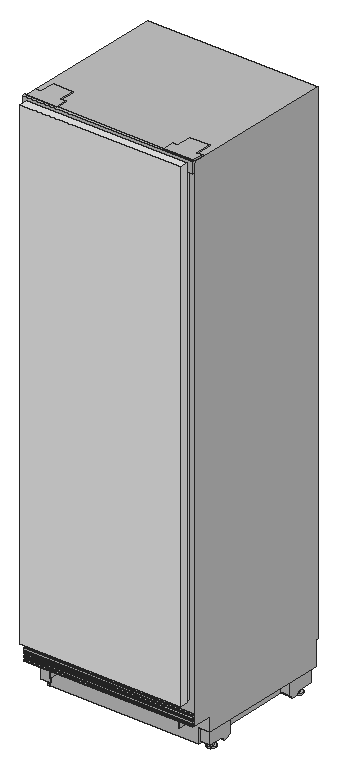
Revit family "FP-Revit18-en-RS2474S3RH1-Fridge-0-US-CA-90002451A", category Specialty Equipment, Revit 2018
Family settings
  Round Connector Dimension = Use Diameter
  Part Type = Normal
  OmniClass Number = 23.40.40.11.11
  OmniClass Title = Refrigerators and Freezers
  Work Plane-Based = No
  Always vertical = Yes
  Cut with Voids When Loaded = Yes
  Shared = No
  Room Calculation Point = No
Parameters (values of type "RS2474S3RH1")
  Visibility - Toe Kick Panel [instance] = no
  Visibility - Clearance Required [instance] = yes
  URL = "www.fisherpaykel.com"
  Panel - Width [instance] = 592 mm
  Panel - Thickness [instance] = 19 mm
  Panel - FFL to Bottom of Bottom Panel (15mm - 150mm) [instance] = 102 mm
  Toe Kick - Recess [instance] = 63 mm
  Stainless Steel Door Panels (RD2474R) [instance] = no
  Product - Width = 592 mm  # constant formula
  Product - Height [instance] = ([Cavity - Height (1870mm - 1890mm)])  # 1880 mm
  Product - Depth (exl front panel) = 579 mm  # constant formula
  Model = "RS2474S3RH1"
  Material - Door Structure = Fisher & Paykel - White
  Material - Door Front [instance] = Fisher & Paykel - Stainless Steel
  Material - Body = Fisher & Paykel - Grey
  Manufacturer = "Fisher & Paykel Appliances"
  Handle Style - Professional Round Flush (AHP3RDS74) [instance] = no
  Handle Style - Contemporary Square Fine Black (AHD5RDS74B) [instance] = no
  Handle Style - Contemporary Square Fine (AHD5RDS74) [instance] = no
  Handle Style - Contemporary Round (AHSRDS74) = no
  Handle Style - Classic Round (AHCLRDSF) (default) = no
  Description = "24\" Integrated Refrigerator"
  Connector Description - Water = "min 275 kPa (40 psi) max 827 kPa (120 psi)"
  Connector Description - Electrical = "120 V, 60 Hz, 10 A circuit"
  Cavity - Width = 600 mm  # constant formula
  Cavity - Height (1870mm - 1890mm) [instance] = 1880 mm
  Panel - FFL to Top of Top Panel (1867mm min) [instance] = 1877 mm
  Cavity - Depth (600mm min with services external) = 600 mm
Reference planes
  plane 1 "Datum": y = 0
  plane 2: z = 0
  plane 3 "Center (Left/Right)": x = 0
  plane 4 "Product LHS": x = -296
  plane 5 "Product RHS": x = 296
  plane 6 "Product - Depth": y = 579
  plane 7: x = -300
  plane 8: x = 300
  plane 9 "Cavity - Depth": y = 581
  plane 10 "Product Height": z = 1880
  plane 11 "Cavity Height": z = 1880
  plane 12 "Panel Thickness": y = -19
  plane 13 "Base": z = 14.497
Forms (mm)
  Extrusion 1, solid, material "Fisher & Paykel - Grey" <- "Material - Body"
    sketch origin (0, 0, 0) x (0, 1, 0) y (0, 0, 1)
      loop
        line (108, 62.997) -> (571.5, 62.997) -> (571.5, 149.997) -> (579, 149.997) -> (579, 1875.998) -> (42.5, 1875.998) -> (42.5, 110.697) -> (108, 110.697) -> (108, 62.997)
    from -296 to 296
  Extrusion 2, solid, material "Fisher & Paykel - Grey" <- "Material - Body"
    sketch origin (0, 0, 0) x (1, 0, 0) y (0, 0, 1)
      loop
        circle (87.23, 31.993) r 5
      loop
        circle (-241.922, 42) r 6
    from -579 to -571.5
  Extrusion 3, solid, material "Fisher & Paykel - Stainless Steel" <- "Material - Door Front", visible <- "Stainless Steel Door Panels (RD2474R)"
    sketch origin (0, 0, 21.503) x (0, 1, 0) y (0, 0, 1)
      loop
        line (-19, 1855.497) -> (-19, 80.497) -> (0, 80.497) -> (0, 1855.497) -> (-19, 1855.497)
    from -296 to 296
  Extrusion 4, solid, material "Fisher & Paykel - Clearance Required", visible <- "Visibility - Clearance Required", detail levels coarse
    sketch origin (0, 0, 0) x (1, 0, 0) y (0, 1, 0)
      loop
        line (-300, 581) -> (-300, 0) -> (300, 0) -> (300, 581) -> (-300, 581)
    from 0 to 1880
  Extrusion 5, solid, material "Fisher & Paykel - White" <- "Material - Door Structure"
    sketch origin (0, 0, 0) x (1, 0, 0) y (0, 1, 0)
      loop
        line (-280, 28.4) -> (-280, 0) -> (280, 0) -> (280, 28.4) -> (-280, 28.4)
    from 183.947 to 1872.747
  Extrusion 6, solid, material "Fisher & Paykel - White" <- "Material - Door Structure"
    sketch origin (0, 0, 0) x (1, 0, 0) y (0, 1, 0)
      loop
        line (-274.25, 42.5) -> (-274.25, 28.4) -> (274.25, 28.4) -> (274.25, 42.5) -> (-274.25, 42.5)
    from 185.35 to 1838.148
  Extrusion 7, solid, material "Fisher & Paykel - Clearance Required", visible <- "Visibility - Clearance Required", detail levels coarse
    sketch origin (0, -8.858, 0) x (1, 0, 0) y (0, 1, 0)
      loop
        arc (-296, -10.142) -> (-23.116, -502.405) -> (539.267, -525.083) r 574.255
        line (539.267, -525.083) -> (299.146, -10.142) -> (-296, -10.142)
    from 0 to 1880
  Extrusion 8, solid, material "Fisher & Paykel - Grey" <- "Material - Body", detail levels fine
    sketch origin (0, 0, 0) x (0, 1, 0) y (0, 0, 1)
      loop
        line (35.5, 149.997) -> (35.5, 145.997) -> (42.5, 145.997) -> (42.5, 149.997) -> (35.5, 149.997)
      loop
        line (35.5, 138.233) -> (35.5, 134.233) -> (42.5, 134.233) -> (42.5, 138.233) -> (35.5, 138.233)
      loop
        line (35.5, 114.697) -> (35.5, 110.697) -> (42.5, 110.697) -> (42.5, 114.697) -> (35.5, 114.697)
      loop
        line (35.5, 126.467) -> (35.5, 122.467) -> (42.5, 122.467) -> (42.5, 126.467) -> (35.5, 126.467)
      loop
        line (33.5, 1880) -> (33.5, 1842.094) -> (42.5, 1842.094) -> (42.5, 1880) -> (33.5, 1880)
    from -296 to 296
  Extrusion 9, solid, material "Fisher & Paykel - Grey" <- "Material - Body"
    sketch origin (0, 0, 0) x (0, 1, 0) y (0, 0, 1)
      loop
        line (108, 62.997) -> (108, 14.497) -> (571.5, 14.497) -> (571.5, 62.997) -> (108, 62.997)
    from -259 to 259
  Extrusion 10, solid, material "Fisher & Paykel - Grey" <- "Material - Body"
    sketch origin (0, 0, 0) x (0, 1, 0) y (0, 0, 1)
      loop
        line (199.5, 62.997) -> (109.5, 62.997) -> (109.5, 21.997) -> (161.836, 21.997)
        arc (161.836, 21.997) -> (180.668, 9.967) -> (199.5, 21.997) r 20.754
        line (199.5, 21.997) -> (199.5, 62.997)
      loop
        line (460.586, 62.997) -> (460.586, 21.997)
        arc (460.586, 21.997) -> (479.418, 9.967) -> (498.25, 21.997) r 20.754
        line (498.25, 21.997) -> (550.586, 21.997) -> (550.586, 62.997) -> (460.586, 62.997)
    from 259 to 294
  Extrusion 11, solid, material "Fisher & Paykel - Grey" <- "Material - Body", detail levels fine
    sketch origin (0, 0, 0) x (1, 0, 0) y (0, 1, 0)
      loop
        line (-273, 136.5) -> (-273, 82.6) -> (-291, 82.6) -> (-291, 42.5) -> (-187, 42.5) -> (-187, 82.6) -> (-205, 82.6) -> (-205, 136.5) -> (-273, 136.5)
      loop
        line (273, 136.5) -> (205, 136.5) -> (205, 82.6) -> (187, 82.6) -> (187, 42.5) -> (291, 42.5) -> (291, 82.6) -> (273, 82.6) -> (273, 136.5)
    from 1875.998 to 1880
  Extrusion 12, solid, material "Fisher & Paykel - Stainless Steel" <- "Material - Door Front", visible <- "Visibility - Toe Kick Panel"
    sketch origin (0, 0, 0) x (0, 1, 0) y (0, 0, 1)
      loop
        line (44, 110) -> (44, 0) -> (63, 0) -> (63, 110) -> (44, 110)
    from -296 to 296
  Extrusion 13, solid, material "Fisher & Paykel - Grey" <- "Material - Body", detail levels fine
    sketch origin (0, 0, 0) x (1, 0, 0) y (0, 1, 0)
      loop
        circle (276.5, 140.6) r 15
      loop
        circle (276.5, 519.6) r 15
      loop
        circle (-276.5, 140.6) r 15
      loop
        circle (-276.5, 519.6) r 15
    from 0 to 3
  Extrusion 14, solid, material "Fisher & Paykel - Grey" <- "Material - Body", detail levels fine
    sketch origin (0, 0, 0) x (1, 0, 0) y (0, 1, 0)
      loop
        circle (276.5, 140.6) r 5
      loop
        circle (276.5, 519.6) r 5
      loop
        circle (-276.5, 140.6) r 5
      loop
        circle (-276.5, 519.6) r 5
    from 3 to 21.997
  Extrusion 15, solid, material "Fisher & Paykel - Grey" <- "Material - Body", detail levels fine
    sketch origin (0, 0, 0) x (0, 1, 0) y (0, 0, 1)
      loop
        line (63.1, 70.7) -> (108, 70.7) -> (108, 110.697) -> (63.1, 110.697) -> (63.1, 70.7)
    from 224 to 226
  Extrusion 16, solid, material "Fisher & Paykel - Grey" <- "Material - Body", detail levels fine
    sketch origin (0, 0, 0) x (0, 1, 0) y (0, 0, -1)
      loop
        line (63.1, -70.7) -> (63.1, -110.697) -> (108, -110.697) -> (108, -70.7) -> (63.1, -70.7)
    from 224 to 226
  Extrusion 17, solid, material "Fisher & Paykel - Grey" <- "Material - Body"
    sketch origin (0, 0, 0) x (0, 1, 0) y (0, 0, -1)
      loop
        line (199.5, -62.997) -> (199.5, -21.997)
        arc (199.5, -21.997) -> (180.668, -9.967) -> (161.836, -21.997) r 20.754
        line (161.836, -21.997) -> (109.5, -21.997) -> (109.5, -62.997) -> (199.5, -62.997)
      loop
        line (460.586, -62.997) -> (550.586, -62.997) -> (550.586, -21.997) -> (498.25, -21.997)
        arc (498.25, -21.997) -> (479.418, -9.967) -> (460.586, -21.997) r 20.754
        line (460.586, -21.997) -> (460.586, -62.997)
    from 259 to 294
  Extrusion 18, void
    sketch origin (0, 1000, 0) x (1, 0, 0) y (0, 1, 0)
      loop
        line (-300, -419) -> (-300, -1019) -> (300, -1019) -> (300, -419) -> (-300, -419)
    from 0 to 1880
Cuts and joins
  joined: Extrusion 1, Extrusion 9, Extrusion 10
Text (mm)
  text "Due to ongoing product development, product details are subject to change without notice. \nPlease always refer to www.fisherpaykel.com for the most current product information. \n© Fisher & Paykel 2020" at (41.04, -678.295, 0), in view "Ref. Level (Plan)"
Dimensions and locks
  equal spacing: plane 4 "Product LHS", plane 3 "Center (Left/Right)", plane 5 "Product RHS"
  "Product - Width": plane 4 "Product LHS" to plane 5 "Product RHS"
  "Product - Depth (exl front panel)": plane 1 "Datum" to plane 6 "Product - Depth"
  equal spacing: plane 7, plane 3 "Center (Left/Right)", plane 8
  "Cavity - Width": plane 7 to plane 8
  Extrusion 2 sketch curve to plane 5 "Product RHS" = 208.77 mm
  plane 4 "Product LHS" to Extrusion 2 sketch curve = 54.078 mm
  "Cavity - Height (1870mm - 1890mm)": plane 11 "Cavity Height" to level
  locked: cut or joined group of Extrusion 1, Extrusion 9, Extrusion 10 to plane 10 "Product Height" at 4.002
  "Panel - Thickness": Extrusion 12 to Extrusion 12
  "Toe Kick - Recess": plane 1 "Datum" to Extrusion 12
  "Panel - Thickness": plane 12 "Panel Thickness" to plane 1 "Datum"
  plane 13 "Base" to level = 14.497 mm
  locked: plane 10 "Product Height" to plane 13 "Base" at 1865.503
  locked: plane 10 "Product Height" to plane 11 "Cavity Height" at 0
  locked: cut or joined group of Extrusion 1, Extrusion 9, Extrusion 10 to plane 13 "Base" at 96.2
  locked: cut or joined group of Extrusion 1, Extrusion 9, Extrusion 10 to plane 13 "Base" at 7.5
  locked: Extrusion 5 to plane 13 "Base" at 169.45
  locked: Extrusion 6 to plane 13 "Base" at 1823.65
  locked: Extrusion 5 to plane 13 "Base" at 1858.25
  locked: Extrusion 12 to cut or joined group of Extrusion 1, Extrusion 9, Extrusion 10 at 0.697
  locked: Extrusion 15 to plane 13 "Base" at 56.203
  locked: plane 13 "Base" to Extrusion 6 at 170.853
  locked: Extrusion 8 to plane 13 "Base" at 1827.596
  "Panel - FFL to Top of Top Panel (1867mm min)": Extrusion 3 to level
  "Panel - FFL to Bottom of Bottom Panel (15mm - 150mm)": Extrusion 3 to level
  equal spacing: Extrusion 3, plane 3 "Center (Left/Right)", Extrusion 3
  "Panel - Width": Extrusion 3 to Extrusion 3
  locked: nested 1 to plane 13 "Base" at 1400.997
  "Cavity - Depth (600mm min with services external)": plane 12 "Panel Thickness" to plane 9 "Cavity - Depth"
  locked: nested 2 to plane 13 "Base" at 549
  locked: nested 1 to plane 13 "Base" at 548.997
  locked: nested 3 to plane 13 "Base" at 574.5
  nested 2 to plane 5 "Product RHS" = 530 mm
  plane 4 "Product LHS" to nested 2 = 62 mm
  locked: nested 5 to plane 13 "Base" at 548.997
  locked: nested 4 to plane 13 "Base" at 564.003
  radius of Extrusion 2 sketch curve = 5 mm
  aligned and locked: level to plane 2
  aligned and locked: Extrusion 1 to plane 5 "Product RHS"
  aligned and locked: plane 4 "Product LHS" to Extrusion 1
  aligned and locked: Extrusion 11 to cut or joined group of Extrusion 1, Extrusion 9, Extrusion 10
  aligned and locked: Extrusion 2 to cut or joined group of Extrusion 1, Extrusion 9, Extrusion 10
  aligned and locked: Extrusion 4 to plane 11 "Cavity Height"
  aligned and locked: Extrusion 8 to plane 10 "Product Height"
  aligned and locked: Extrusion 11 to plane 10 "Product Height"
  aligned and locked: Extrusion 3 to Extrusion 7
  aligned and locked: Extrusion 9 to plane 13 "Base"
  aligned and locked: cut or joined group of Extrusion 1, Extrusion 9, Extrusion 10 to cut or joined group of Extrusion 1, Extrusion 9, Extrusion 10  (x4)
  aligned and locked: Extrusion 15 to cut or joined group of Extrusion 1, Extrusion 9, Extrusion 10
  aligned and locked: Extrusion 8 to cut or joined group of Extrusion 1, Extrusion 9, Extrusion 10
  aligned and locked: Extrusion 16 to Extrusion 8
  aligned and locked: Extrusion 16 to Extrusion 15
  aligned and locked: Extrusion 10 to Extrusion 1
  aligned and locked: Extrusion 14 to cut or joined group of Extrusion 1, Extrusion 9, Extrusion 10
  aligned and locked: Extrusion 7 to plane 11 "Cavity Height"
  aligned and locked: plane 12 "Panel Thickness" to nested 2
  aligned and locked: plane 12 "Panel Thickness" to nested 3
  aligned and locked: Extrusion 18 to plane 7
  aligned and locked: Extrusion 18 to plane 8
  aligned and locked: Extrusion 18 to plane 11 "Cavity Height"
  aligned and locked: Extrusion 18 to level
  aligned and locked: plane 12 "Panel Thickness" to Extrusion 18
  aligned and locked: plane 9 "Cavity - Depth" to Extrusion 18
  aligned and locked: plane 12 "Panel Thickness" to nested 4
  aligned and locked: plane 12 "Panel Thickness" to nested 5
Automatic sketch dimensions
  Extrusion 1 sketch curve to plane 6 "Product - Depth" = 0 mm
  Extrusion 1 sketch curve to plane 6 "Product - Depth" = 7.5 mm
  plane 13 "Base" to Extrusion 1 sketch curve = 48.5 mm
  Extrusion 1 sketch curve to plane 1 "Datum" = 108 mm
  plane 10 "Product Height" to Extrusion 1 sketch curve = 4.002 mm
  Extrusion 1 sketch curve to plane 1 "Datum" = 42.5 mm
  Extrusion 1 sketch curve to Extrusion 1 sketch curve = 47.7 mm
  Extrusion 1 sketch curve to Extrusion 1 sketch curve = 87 mm
  plane 13 "Base" to Extrusion 2 sketch curve = 17.495 mm
  plane 13 "Base" to Extrusion 2 sketch curve = 27.503 mm
  Extrusion 3 sketch curve to plane 12 "Panel Thickness" = 0 mm
  Extrusion 3 sketch curve to plane 1 "Datum" = 0 mm
  plane 13 "Base" to Extrusion 3 sketch curve = 87.503 mm
  plane 10 "Product Height" to Extrusion 3 sketch curve = 3 mm
  plane 1 "Datum" to Extrusion 4 sketch curve = 0 mm
  Extrusion 4 sketch curve to plane 7 = 0 mm
  Extrusion 4 sketch curve to plane 8 = 0 mm
  Extrusion 4 sketch curve to plane 9 "Cavity - Depth" = 0 mm
  plane 1 "Datum" to Extrusion 5 sketch curve = 0 mm
  Extrusion 5 sketch curve to plane 4 "Product LHS" = 16 mm
  plane 5 "Product RHS" to Extrusion 5 sketch curve = 16 mm
  Extrusion 5 sketch curve to plane 1 "Datum" = 28.4 mm
  Extrusion 6 sketch curve to plane 4 "Product LHS" = 21.75 mm
  plane 5 "Product RHS" to Extrusion 6 sketch curve = 21.75 mm
  Extrusion 6 sketch curve to plane 1 "Datum" = 28.4 mm
  Extrusion 6 sketch curve to Extrusion 6 sketch curve = 14.1 mm
  Extrusion 7 sketch curve to plane 4 "Product LHS" = 0 mm
  plane 12 "Panel Thickness" to Extrusion 7 sketch curve = 0 mm
  plane 12 "Panel Thickness" to Extrusion 7 sketch curve = 3.437 mm
  plane 5 "Product RHS" to Extrusion 7 sketch curve = 17.755 mm
  plane 8 to Extrusion 7 sketch curve = 0.854 mm
  Extrusion 7 sketch curve to plane 8 = 239.267 mm
  plane 10 "Product Height" to Extrusion 8 sketch curve = 0 mm
  Extrusion 8 sketch curve to plane 1 "Datum" = 33.5 mm
  Extrusion 8 sketch curve to plane 1 "Datum" = 35.5 mm
  Extrusion 8 sketch curve to Extrusion 8 sketch curve = 0 mm  (x3)
  Extrusion 8 sketch curve to Extrusion 8 sketch curve = 7 mm  (x4)
  Extrusion 8 sketch curve to Extrusion 8 sketch curve = 9 mm
  Extrusion 8 sketch curve to Extrusion 8 sketch curve = 37.906 mm
  plane 13 "Base" to Extrusion 8 sketch curve = 135.5 mm
  Extrusion 8 sketch curve to Extrusion 8 sketch curve = 4 mm  (x4)
  Extrusion 8 sketch curve to Extrusion 8 sketch curve = 7.764 mm
  Extrusion 8 sketch curve to Extrusion 8 sketch curve = 7.767 mm
  Extrusion 8 sketch curve to Extrusion 8 sketch curve = 7.769 mm
  Extrusion 9 sketch curve to plane 13 "Base" = 0 mm
  Extrusion 9 sketch curve to plane 1 "Datum" = 108 mm
  Extrusion 9 sketch curve to plane 6 "Product - Depth" = 7.5 mm
  Extrusion 9 sketch curve to Extrusion 9 sketch curve = 48.5 mm
  plane 13 "Base" to Extrusion 10 sketch curve = 48.5 mm
  Extrusion 10 sketch curve to plane 1 "Datum" = 109.5 mm
  plane 13 "Base" to Extrusion 10 sketch curve = 7.5 mm  (x2)
  Extrusion 10 sketch curve to Extrusion 10 sketch curve = 52.336 mm
  Extrusion 10 sketch curve to Extrusion 10 sketch curve = 18.832 mm  (x4)
  Extrusion 10 sketch curve to plane 6 "Product - Depth" = 118.414 mm
  Extrusion 10 sketch curve to plane 6 "Product - Depth" = 28.414 mm
  plane 13 "Base" to Extrusion 10 sketch curve = 16.224 mm  (x2)
  Extrusion 10 sketch curve to Extrusion 10 sketch curve = 41 mm
  Extrusion 11 sketch curve to plane 4 "Product LHS" = 5 mm
  Extrusion 11 sketch curve to Extrusion 11 sketch curve = 18 mm  (x3)
  Extrusion 11 sketch curve to Extrusion 11 sketch curve = 68 mm
  plane 5 "Product RHS" to Extrusion 11 sketch curve = 109 mm
  plane 5 "Product RHS" to Extrusion 11 sketch curve = 23 mm
  plane 5 "Product RHS" to Extrusion 11 sketch curve = 5 mm
  Extrusion 11 sketch curve to plane 1 "Datum" = 42.5 mm  (x2)
  Extrusion 11 sketch curve to Extrusion 11 sketch curve = 40.1 mm  (x4)
  Extrusion 11 sketch curve to Extrusion 11 sketch curve = 53.9 mm  (x2)
  Extrusion 12 sketch curve to level = 0 mm
  Extrusion 12 sketch curve to plane 1 "Datum" = 44 mm
  Extrusion 12 sketch curve to Extrusion 12 sketch curve = 19 mm
  plane 13 "Base" to Extrusion 12 sketch curve = 95.503 mm
  Extrusion 13 sketch curve to plane 4 "Product LHS" = 19.5 mm  (x2)
  plane 5 "Product RHS" to Extrusion 13 sketch curve = 19.5 mm  (x2)
  Extrusion 13 sketch curve to plane 1 "Datum" = 140.6 mm  (x2)
  Extrusion 13 sketch curve to plane 6 "Product - Depth" = 59.4 mm  (x2)
  Extrusion 14 sketch curve to plane 4 "Product LHS" = 19.5 mm  (x2)
  plane 5 "Product RHS" to Extrusion 14 sketch curve = 19.5 mm  (x2)
  Extrusion 14 sketch curve to plane 1 "Datum" = 140.6 mm  (x2)
  Extrusion 14 sketch curve to plane 6 "Product - Depth" = 59.4 mm  (x2)
  Extrusion 15 sketch curve to plane 1 "Datum" = 63.1 mm
  Extrusion 15 sketch curve to Extrusion 15 sketch curve = 44.9 mm
  plane 13 "Base" to Extrusion 15 sketch curve = 56.203 mm
  Extrusion 15 sketch curve to Extrusion 15 sketch curve = 39.997 mm
  Extrusion 16 sketch curve to plane 1 "Datum" = 63.1 mm
  Extrusion 16 sketch curve to Extrusion 16 sketch curve = 44.9 mm
  plane 13 "Base" to Extrusion 16 sketch curve = 96.2 mm
  Extrusion 16 sketch curve to Extrusion 16 sketch curve = 39.997 mm
  plane 13 "Base" to Extrusion 17 sketch curve = 48.5 mm
  Extrusion 17 sketch curve to plane 1 "Datum" = 109.5 mm
  plane 13 "Base" to Extrusion 17 sketch curve = 7.5 mm  (x2)
  Extrusion 17 sketch curve to Extrusion 17 sketch curve = 52.336 mm
  Extrusion 17 sketch curve to Extrusion 17 sketch curve = 18.832 mm  (x4)
  Extrusion 17 sketch curve to plane 6 "Product - Depth" = 118.414 mm
  Extrusion 17 sketch curve to plane 6 "Product - Depth" = 28.414 mm
  Extrusion 17 sketch curve to Extrusion 17 sketch curve = 41 mm
  plane 13 "Base" to Extrusion 17 sketch curve = 16.224 mm  (x2)
  Extrusion 18 sketch curve to plane 7 = 0 mm
  Extrusion 18 sketch curve to plane 8 = 0 mm
  Extrusion 18 sketch curve to plane 9 "Cavity - Depth" = 600 mm
  Extrusion 18 sketch curve to Extrusion 18 sketch curve = 600 mm
  radius of Extrusion 2 sketch curve = 6 mm
  radius of Extrusion 13 sketch curve = 15 mm  (x4)
  radius of Extrusion 14 sketch curve = 5 mm  (x4)
Nested families
  nested 1: "F&P Handle Kit - Contemporary Square Fine - Vertical" at (-234, -19, 989.495), visible <- "Handle Style - Contemporary Square Fine (AHD5RDS74)", type "AHD5RDS74 - Contemporary square fine handle 852mm"
  nested 2: "F&P Handle Kit - Contemporary Square Fine - Vertical" at (-234, -19, 989.497), visible <- "Handle Style - Contemporary Square Fine Black (AHD5RDS74B)", type "AHD5RDS74B - Contemporary square fine black handle 852mm"
  nested 3: "F&P Handle Kit - Professional Round Flush - Vertical" at (-234, -19, 989.497), visible <- "Handle Style - Professional Round Flush (AHP3RDS74)", type "AHP3RDS74 - Professional round flush handle 801mm"
  nested 4: "F&P Handle Kit - Classic Round - Vertical" at (-234, -19, 989.5), visible <- "Handle Style - Classic Round (AHCLRDSF) (default)", type "26591 AHCLRDSF US - Classic round handle (Vertical) 822mm"
  nested 5: "F&P Handle Kit - Contemporary Round - Vertical" at (-234, -19, 989.495), visible <- "Handle Style - Contemporary Round (AHSRDS74)", type "26238 AHSRDS74 - Contemporary round handle (vertical) 852mm"
Connectors
  electrical at (87.23, 579, 31.993), driven by "Connector Description - Electrical"
    settings: on Extrusion 2, index 1, voltage 120 V, apparent load 0 VA, apparent load phase1 0 VA, apparent load phase2 0 VA, apparent load phase3 0 VA, power factor 1, load classification "Other", number of poles 1, system type 30, power factor state 1, is connector primary yes, connector utility no, sub classification motor no, connector description "120 V, 60 Hz, 10 A circuit"
  piping at (-241.922, 579, 42), diameter 11, driven by "Connector Description - Water"
    settings: on Extrusion 2, index 2, connector inside diameter 609.6 mm, connector length 0 mm, flow factor 0, pipe flow 0.0 L/s, pressure drop 0.0 Pa, fitting loss kfactor 0, connector angle 0.00°, fixture units 0, engagement length 0 mm, angle of deflection 0.00°, flow configuration 0, flow direction 1, fitting loss method 0, system type 20, joint type 0, gender type 0, connector reference index -1, connector utility 0, adjustable connector no, is connector primary yes, connector description "min 275 kPa (40 psi) max 827 kPa (120 psi)"
Definition of nested family "F&P Handle Kit - Contemporary Square Fine - Vertical"
  Parameters (values of type "AHD5RDS19 - Contemporary square fine handle 852mm")
    URL = "www.fisherpaykel.com"
    Material - Handle = none
    Manufacturer = "Fisher & Paykel Appliances"
    Handle - Length = 852 mm
  Types (22, lengths in mm): name | Handle - Length
    AHD5RD2484W - Contemporary square fine handle (1 of 2) (Vertical) 727mm | 727
    AHD5RD2484WB - Contemporary square fine black handle (1 of 2) (Vertical) 727mm | 727
    AHD5RD3084W - Contemporary square fine handle (1 of 2) (Vertical) 727mm | 727
    AHD5RD3084WB - Contemporary square fine black handle (1 of 2) (Vertical) 727mm | 727
    AHD5RD6121W - Contemporary square fine handle (1 of 2) (Vertical) 727mm | 727
    AHD5RD6121WB - Contemporary square fine black handle (1 of 2) (Vertical) 727mm | 727
    AHD5RD7621W - Contemporary square fine handle (1 of 2) (Vertical) 727mm | 727
    AHD5RD7621WB - Contemporary square fine black handle (1 of 2) (Vertical) 727mm | 727
    AHD5RD36A - Contemporary square fine handle (1 of 2) (Vertical) 727mm | 727
    AHD5RD36AB - Contemporary square fine black handle (1 of 2) (Vertical) 727mm | 727
    AHD5RD80A - Contemporary square fine handle (1 of 2) (Vertical) 727mm | 727
    AHD5RD90A - Contemporary square fine handle (1 of 2) (Vertical) 727mm | 727
    AHD5RD80AB - Contemporary square fine black handle (1 of 2) (Vertical) 727mm | 727
    AHD5RD90AB - Contemporary square fine black handle (1 of 2) (Vertical) 727mm | 727
    AHD5RD36W - Contemporary square fine handle (1 of 2) (Vertical) 727mm | 727
    AHD5RD36WB - Contemporary square fine handle (1 of 2) (Vertical) 727mm | 727
    AHD5RD9120WB - Contemporary square fine handle (1 of 2) (Vertical) 727mm | 727
    AHD5RD9120W - Contemporary square fine handle (1 of 2) (Vertical) 727mm | 727
    AHD5RDS19B - Contemporary square fine black handle 852mm | 852
    AHD5RDS19 - Contemporary square fine handle 852mm | 852
    AHD5RDS74B - Contemporary square fine black handle 852mm | 852
    AHD5RDS74 - Contemporary square fine handle 852mm | 852
  Reference planes
    plane 1 "Center (Front/Back)": y = 0
    plane 2: z = 0
    plane 3 "Center (Left/Right)": x = 0
    plane 4 "Top": z = 426
    plane 5 "Bottom": z = -426
    plane 6 "Top Standoff": z = 306
    plane 7 "Bottom Standoff": z = -306
  Forms (mm)
    Extrusion 1, solid, material <- "Material - Handle", detail levels fine
      sketch origin (0, 0, 0) x (1, 0, 0) y (0, 1, 0)
        loop
          arc (-6.16, -26.813) -> (-6.554, -27.196) -> (-6.686, -27.728) r 1
          line (-6.686, -27.728) -> (-6.256, -40.035)
          arc (-6.256, -40.035) -> (-5.951, -40.719) -> (-5.257, -41) r 1
          line (-5.257, -41) -> (5.257, -41)
          arc (5.257, -41) -> (5.951, -40.719) -> (6.256, -40.035) r 1
          line (6.256, -40.035) -> (6.686, -27.709)
          arc (6.686, -27.709) -> (6.554, -27.175) -> (6.158, -26.792) r 1
          arc (6.158, -26.792) -> (-0.004, -25.256) -> (-6.16, -26.813) r 13.038
      from -426 to 426
    Extrusion 2, solid, material <- "Material - Handle", detail levels fine
      sketch origin (0, 0, 0) x (1, 0, 0) y (0, 1, 0)
        loop
          arc (6.012, -26.626) -> (6.494, -26.614) -> (6.741, -26.2) r 0.5
          line (6.741, -26.2) -> (7.7, 0) -> (-7.7, 0) -> (-6.742, -26.174)
          arc (-6.742, -26.174) -> (-6.496, -26.587) -> (-6.015, -26.6) r 0.5
          arc (-6.015, -26.6) -> (0.002, -25.156) -> (6.012, -26.626) r 13.136
      from 306 to 426
    Extrusion 3, solid, material <- "Material - Handle", detail levels coarse+medium
      sketch origin (0, 0, 0) x (0, 1, 0) y (0, 0, 1)
        loop
          line (0, 426) -> (-42, 426) -> (-42, -426) -> (0, -426) -> (0, -306) -> (-26.245, -306) -> (-26.245, 306) -> (0, 306) -> (0, 426)
      from -8 to 8
    Extrusion 4, solid, material <- "Material - Handle", detail levels fine
      sketch origin (0, 0, 0) x (1, 0, 0) y (0, 1, 0)
        loop
          arc (6.012, -26.626) -> (6.494, -26.614) -> (6.741, -26.2) r 0.5
          line (6.741, -26.2) -> (7.7, 0) -> (-7.7, 0) -> (-6.742, -26.174)
          arc (-6.742, -26.174) -> (-6.496, -26.587) -> (-6.015, -26.6) r 0.5
          arc (-6.015, -26.6) -> (0.002, -25.156) -> (6.012, -26.626) r 13.136
      from -426 to -306
  Dimensions and locks
    equal spacing: plane 4 "Top", level, plane 5 "Bottom"
    "Handle - Length": plane 4 "Top" to plane 5 "Bottom"
    locked: plane 4 "Top" to plane 6 "Top Standoff" at 120
    locked: plane 7 "Bottom Standoff" to plane 5 "Bottom" at 120
    aligned and locked: level to plane 2
    aligned and locked: plane 4 "Top" to Extrusion 2
    aligned and locked: Extrusion 2 to plane 6 "Top Standoff"
    aligned and locked: plane 4 "Top" to Extrusion 1
    aligned and locked: Extrusion 1 to plane 5 "Bottom"
    aligned and locked: plane 4 "Top" to Extrusion 3 sketch curve
    aligned and locked: plane 6 "Top Standoff" to Extrusion 3 sketch curve
    aligned and locked: plane 7 "Bottom Standoff" to Extrusion 3 sketch curve
    aligned and locked: plane 5 "Bottom" to Extrusion 3 sketch curve
    aligned and locked: Extrusion 4 to plane 5 "Bottom"
    aligned and locked: plane 7 "Bottom Standoff" to Extrusion 4
  Automatic sketch dimensions
    Extrusion 1 sketch curve to plane 3 "Center (Left/Right)" = 6.686 mm
    Extrusion 1 sketch curve to plane 3 "Center (Left/Right)" = 6.256 mm
    Extrusion 1 sketch curve to Extrusion 1 sketch curve = 0.999 mm  (x4)
    plane 3 "Center (Left/Right)" to Extrusion 1 sketch curve = 0.018 mm
    plane 3 "Center (Left/Right)" to Extrusion 1 sketch curve = 5.257 mm
    plane 3 "Center (Left/Right)" to Extrusion 1 sketch curve = 5.687 mm
    plane 1 "Center (Front/Back)" to Extrusion 1 sketch curve = 41 mm
    Extrusion 1 sketch curve to Extrusion 1 sketch curve = 0.965 mm  (x2)
    Extrusion 1 sketch curve to Extrusion 1 sketch curve = 1.706 mm
    Extrusion 1 sketch curve to Extrusion 1 sketch curve = 12.307 mm
    Extrusion 1 sketch curve to Extrusion 1 sketch curve = 12.326 mm
    Extrusion 1 sketch curve to Extrusion 1 sketch curve = 0.035 mm  (x2)
    Extrusion 1 sketch curve to Extrusion 1 sketch curve = 0 mm
    plane 1 "Center (Front/Back)" to Extrusion 2 sketch curve = 0 mm
    Extrusion 2 sketch curve to plane 3 "Center (Left/Right)" = 7.7 mm
    Extrusion 2 sketch curve to plane 3 "Center (Left/Right)" = 6.742 mm
    Extrusion 2 sketch curve to Extrusion 2 sketch curve = 0.5 mm  (x2)
    Extrusion 2 sketch curve to plane 3 "Center (Left/Right)" = 0.026 mm
    plane 3 "Center (Left/Right)" to Extrusion 2 sketch curve = 6.242 mm
    plane 3 "Center (Left/Right)" to Extrusion 2 sketch curve = 7.7 mm
    plane 1 "Center (Front/Back)" to Extrusion 2 sketch curve = 26.155 mm
    Extrusion 2 sketch curve to Extrusion 2 sketch curve = 0.018 mm  (x2)
    Extrusion 2 sketch curve to Extrusion 2 sketch curve = 0.026 mm
    Extrusion 2 sketch curve to Extrusion 2 sketch curve = 12.11 mm
    Extrusion 2 sketch curve to Extrusion 2 sketch curve = 0 mm
    plane 1 "Center (Front/Back)" to Extrusion 3 sketch curve = 42 mm
    Extrusion 3 sketch curve to Extrusion 3 sketch curve = 15.755 mm
    Extrusion 3 sketch curve to Extrusion 3 sketch curve = 42 mm  (x2)
    Extrusion 4 sketch curve to plane 3 "Center (Left/Right)" = 7.7 mm
    Extrusion 4 sketch curve to plane 3 "Center (Left/Right)" = 6.742 mm
    Extrusion 4 sketch curve to Extrusion 4 sketch curve = 0.5 mm  (x2)
    Extrusion 4 sketch curve to plane 3 "Center (Left/Right)" = 0.026 mm
    plane 3 "Center (Left/Right)" to Extrusion 4 sketch curve = 6.242 mm
    plane 3 "Center (Left/Right)" to Extrusion 4 sketch curve = 7.7 mm
    plane 1 "Center (Front/Back)" to Extrusion 4 sketch curve = 38.291 mm
    Extrusion 4 sketch curve to Extrusion 4 sketch curve = 12.091 mm
    Extrusion 4 sketch curve to Extrusion 4 sketch curve = 0.018 mm  (x2)
    Extrusion 4 sketch curve to Extrusion 4 sketch curve = 0.452 mm
    Extrusion 4 sketch curve to Extrusion 4 sketch curve = 26.174 mm
    Extrusion 4 sketch curve to Extrusion 4 sketch curve = 0 mm
Definition of nested family "F&P Handle Kit - Professional Round Flush - Vertical"
  Parameters (values of type "AHP3RDS19 - Professional round flush handle 801mm")
    URL = "www.fisherpaykel.com"
    Material - Handle = none
    Manufacturer = "Fisher & Paykel Appliances"
    Handle - Length = 801 mm
  Types (8, lengths in mm): name | Handle - Length
    (no name) | 801
    AHP3RD2484W - Professional round flush handle (1 of 2) (Vertical) | 677
    AHP3RD3084W - Professional round flush handle (1 of 2) (Vertical) | 677
    AHP3-RD84 - Professional round flush handle 677mm | 677
    AHP3RD36W - Professional round flush handle (1 of 2) (Vertical) | 727
    AHP3RD36A - Professional round flush handle (1 of 2) (Vertical) | 727
    AHP3RDS19 - Professional round flush handle 801mm | 801
    AHP3RDS74 - Professional round flush handle 801mm | 801
  Reference planes
    plane 1 "Center (Front/Back)": y = 0
    plane 2: z = 0
    plane 3 "Center (Left/Right)": x = 0
    plane 4 "Top": z = 400.5
    plane 5 "Bottom": z = -400.5
    plane 6 "Top Standoff": z = 340.5
    plane 7 "Bottom Standoff": z = -340.5
  Forms (mm)
    Extrusion 1, solid, material <- "Material - Handle", detail levels fine
      sketch origin (0, 0, 0) x (1, 0, 0) y (0, 1, 0)
        loop
          arc (-12.817, -46.665) -> (0, -58.016) -> (12.817, -46.665) r 12.912
          line (12.817, -46.665) -> (18.5, 0) -> (-18.5, 0) -> (-12.817, -46.665)
      from 340.5 to 400.5
    Extrusion 2, solid, material <- "Material - Handle", detail levels fine
      sketch origin (0, 0, 0) x (1, 0, 0) y (0, 1, 0)
        loop
          arc (-12.817, -46.665) -> (0, -58.016) -> (12.817, -46.665) r 12.912
          line (12.817, -46.665) -> (18.5, 0) -> (-18.5, 0) -> (-12.817, -46.665)
      from -400.5 to -340.5
    Extrusion 3, solid, material <- "Material - Handle"
      sketch origin (0, 0, 0) x (1, 0, 0) y (0, 1, 0)
        loop
          circle (0, -45.116) r 12.7
      from -340.5 to 340.5
    Sweep 4, void
      path in 3D
        loop
          line (18.5, 0, 400.5) -> (12.817, -46.665, 400.5)
          arc (12.817, -46.665, 400.5) -> (0, -58.016, 400.5) -> (-12.817, -46.665, 400.5) r 12.912
          line (-12.817, -46.665, 400.5) -> (-18.5, 0, 400.5)
      profile origin (0, -58.016, 400.5) x (0, -1, 0) y (0, 0, 1)
        loop
          line (0, 0) -> (-1.5, 0) -> (0, -1.5) -> (0, 0)
    Sweep 5, void
      path in 3D
        loop
          line (-18.5, 0, -400.5) -> (-12.817, -46.665, -400.5)
          arc (-12.817, -46.665, -400.5) -> (0, -58.016, -400.5) -> (12.817, -46.665, -400.5) r 12.912
          line (12.817, -46.665, -400.5) -> (18.5, 0, -400.5)
      profile origin (0, -58.016, -400.5) x (0, -1, 0) y (0, 0, -1)
        loop
          line (0, 0) -> (-1.5, 0) -> (0, -1.5) -> (0, 0)
    Extrusion 6, solid, material <- "Material - Handle", detail levels coarse+medium
      sketch origin (0, 0, 0) x (1, 0, 0) y (0, 1, 0)
        loop
          arc (-12.817, -46.665) -> (0, -58.016) -> (12.817, -46.665) r 12.912
          line (12.817, -46.665) -> (18.5, 0) -> (-18.5, 0) -> (-12.817, -46.665)
      from 340.5 to 400.5
    Extrusion 7, solid, material <- "Material - Handle", detail levels coarse+medium
      sketch origin (0, 0, 0) x (1, 0, 0) y (0, 1, 0)
        loop
          arc (-12.817, -46.665) -> (0, -58.016) -> (12.817, -46.665) r 12.912
          line (12.817, -46.665) -> (18.5, 0) -> (-18.5, 0) -> (-12.817, -46.665)
      from -400.5 to -340.5
  Cuts and joins
    Sweep 4 cuts Extrusion 1
    Sweep 5 cuts Extrusion 2
  Lines and regions (mm)
    sketch lines
      curve 1: arc (12.817, -46.665, 400.5) -> (0, -58.016, 400.5) -> (-12.817, -46.665, 400.5) r 12.912
      curve 2: line (12.817, -46.665, 400.5) -> (18.5, 0, 400.5)
      curve 3: line (-18.5, 0, 400.5) -> (-12.817, -46.665, 400.5)
      curve 4: arc (-12.817, -46.665, -400.5) -> (0, -58.016, -400.5) -> (12.817, -46.665, -400.5) r 12.912
      curve 5: line (18.5, 0, -400.5) -> (12.817, -46.665, -400.5)
      curve 6: line (-12.817, -46.665, -400.5) -> (-18.5, 0, -400.5)
  Dimensions and locks
    equal spacing: plane 4 "Top", level, plane 5 "Bottom"
    "Handle - Length": plane 4 "Top" to plane 5 "Bottom"
    plane 4 "Top" to plane 6 "Top Standoff" = 60 mm
    plane 7 "Bottom Standoff" to plane 5 "Bottom" = 60 mm
    aligned and locked: level to plane 2
    aligned and locked: plane 4 "Top" to Extrusion 1
    aligned and locked: Extrusion 1 to plane 6 "Top Standoff"
    aligned and locked: Extrusion 2 to plane 5 "Bottom"
    aligned and locked: plane 1 "Center (Front/Back)" to Extrusion 2 sketch curve
    aligned and locked: plane 6 "Top Standoff" to Extrusion 3
    aligned and locked: Extrusion 3 to plane 7 "Bottom Standoff"
    aligned and locked: Extrusion 6 to cut or joined group of Extrusion 1, Sweep 4
    aligned and locked: Extrusion 7 to cut or joined group of Extrusion 2, Sweep 5
    aligned and locked: plane 7 "Bottom Standoff" to Extrusion 7
    aligned and locked: plane 7 "Bottom Standoff" to cut or joined group of Extrusion 2, Sweep 5
    aligned and locked: Extrusion 6 to plane 6 "Top Standoff"
    aligned and locked: cut or joined group of Extrusion 1, Sweep 4 to plane 6 "Top Standoff"
  Automatic sketch dimensions
    plane 1 "Center (Front/Back)" to Extrusion 1 sketch curve = 0 mm
    Extrusion 1 sketch curve to plane 3 "Center (Left/Right)" = 0 mm
    Extrusion 1 sketch curve to plane 3 "Center (Left/Right)" = 12.817 mm
    Extrusion 1 sketch curve to plane 3 "Center (Left/Right)" = 18.5 mm
    plane 3 "Center (Left/Right)" to Extrusion 1 sketch curve = 12.817 mm
    plane 3 "Center (Left/Right)" to Extrusion 1 sketch curve = 18.5 mm
    plane 1 "Center (Front/Back)" to Extrusion 1 sketch curve = 45.104 mm
    Extrusion 1 sketch curve to Extrusion 1 sketch curve = 1.561 mm
    Extrusion 2 sketch curve to plane 3 "Center (Left/Right)" = 0 mm
    Extrusion 2 sketch curve to plane 3 "Center (Left/Right)" = 12.817 mm
    Extrusion 2 sketch curve to plane 3 "Center (Left/Right)" = 18.5 mm
    plane 3 "Center (Left/Right)" to Extrusion 2 sketch curve = 12.817 mm
    plane 3 "Center (Left/Right)" to Extrusion 2 sketch curve = 18.5 mm
    plane 1 "Center (Front/Back)" to Extrusion 2 sketch curve = 45.104 mm
    Extrusion 2 sketch curve to Extrusion 2 sketch curve = 1.561 mm
    Extrusion 3 sketch curve to plane 3 "Center (Left/Right)" = 0 mm
    plane 1 "Center (Front/Back)" to Extrusion 3 sketch curve = 45.116 mm
    Sweep 4 sketch curve to profile plane = 0 mm  (x2)
    profile plane to Sweep 4 sketch curve = 1.5 mm
    Sweep 4 sketch curve to profile plane = 1.5 mm
    profile plane to Sweep 5 sketch curve = 0 mm
    Sweep 5 sketch curve to profile plane = 0 mm
    profile plane to Sweep 5 sketch curve = 1.5 mm
    Sweep 5 sketch curve to profile plane = 1.5 mm
    Extrusion 6 sketch curve to plane 3 "Center (Left/Right)" = 0 mm
    Extrusion 6 sketch curve to plane 3 "Center (Left/Right)" = 12.817 mm
    Extrusion 6 sketch curve to plane 3 "Center (Left/Right)" = 18.5 mm
    plane 3 "Center (Left/Right)" to Extrusion 6 sketch curve = 12.817 mm
    plane 3 "Center (Left/Right)" to Extrusion 6 sketch curve = 18.5 mm
    plane 1 "Center (Front/Back)" to Extrusion 6 sketch curve = 46.665 mm
    Extrusion 6 sketch curve to Extrusion 6 sketch curve = 1.561 mm
    Extrusion 6 sketch curve to Extrusion 6 sketch curve = 46.665 mm
    Extrusion 7 sketch curve to plane 3 "Center (Left/Right)" = 0 mm
    Extrusion 7 sketch curve to plane 3 "Center (Left/Right)" = 12.817 mm
    Extrusion 7 sketch curve to plane 3 "Center (Left/Right)" = 18.5 mm
    plane 3 "Center (Left/Right)" to Extrusion 7 sketch curve = 12.817 mm
    plane 3 "Center (Left/Right)" to Extrusion 7 sketch curve = 18.5 mm
    plane 1 "Center (Front/Back)" to Extrusion 7 sketch curve = 46.665 mm
    Extrusion 7 sketch curve to Extrusion 7 sketch curve = 1.561 mm
    Extrusion 7 sketch curve to Extrusion 7 sketch curve = 46.665 mm
    radius of Extrusion 3 sketch curve = 12.7 mm
Definition of nested family "F&P Handle Kit - Classic Round - Vertical"
  Parameters (values of type "26591 AHCLRDSF US - Classic round handle (Vertical) 822mm")
    URL = "www.fisherpaykel.com"
    Material - Handle = none
    Manufacturer = "Fisher & Paykel Appliances"
    Keynote = ""
    Handle Standoff - Length = 80 mm
    Handle - Length = 822 mm
    Description = ""
  Types (2): name
    26592 AHCLRDSF AA - Classic round handle (Vertical) 822mm
    26591 AHCLRDSF US - Classic round handle (Vertical) 822mm
  Reference planes
    plane 1 "Center (Front/Back)": y = 0
    plane 2: z = 0
    plane 3 "Center (Left/Right)": x = 0
    plane 4 "Top": z = 411
    plane 5 "Bottom": z = -411
    plane 6 "Top Standoff": z = 331
    plane 7 "Bottom Standoff": z = -331
  Forms (mm)
    Extrusion 1, solid, material <- "Material - Handle"
      sketch origin (0, 0, 0) x (1, 0, 0) y (0, 1, 0)
        loop
          circle (0, -44.923) r 10
      from -331 to 331
    Extrusion 2, solid, material <- "Material - Handle", detail levels fine
      sketch origin (0, 0, 0) x (1, 0, 0) y (0, 1, 0)
        loop
          line (-10.498, 0) -> (-10.498, -44.923)
          arc (-10.498, -44.923) -> (0, -55.422) -> (10.498, -44.923) r 10.498
          line (10.498, -44.923) -> (10.498, 0) -> (-10.498, 0)
      from 331 to 411
    Extrusion 3, solid, material <- "Material - Handle", detail levels fine
      sketch origin (0, 0, 0) x (1, 0, 0) y (0, 1, 0)
        loop
          arc (-10.498, -44.923) -> (0, -55.422) -> (10.498, -44.923) r 10.498
          line (10.498, -44.923) -> (10.498, 0) -> (-10.498, 0) -> (-10.498, -44.923)
      from -411 to -331
    Sweep 4, void
      path in 3D
        loop
          line (-10.498, 0, 411) -> (-10.498, -44.923, 411)
          arc (-10.498, -44.923, 411) -> (0, -55.422, 411) -> (10.498, -44.923, 411) r 10.498
          line (10.498, -44.923, 411) -> (10.498, 0, 411)
      profile origin (10.498, -22.462, 411) x (-1, 0, 0) y (0, 0, 1)
        loop
          line (0, 0) -> (0, -1.5) -> (1.5, 0) -> (0, 0)
    Sweep 5, void
      path in 3D
        loop
          line (10.498, 0, -411) -> (10.498, -44.923, -411)
          arc (10.498, -44.923, -411) -> (0, -55.422, -411) -> (-10.498, -44.923, -411) r 10.498
          line (-10.498, -44.923, -411) -> (-10.498, 0, -411)
      profile origin (10.498, -22.462, -411) x (-1, 0, 0) y (0, 0, -1)
        loop
          line (0, 0) -> (0, -1.5) -> (1.5, 0) -> (0, 0)
    Extrusion 6, solid, material <- "Material - Handle", detail levels coarse+medium
      sketch origin (0, 0, 0) x (1, 0, 0) y (0, 1, 0)
        loop
          line (-10.498, 0) -> (-10.498, -44.923)
          arc (-10.498, -44.923) -> (0, -55.422) -> (10.498, -44.923) r 10.498
          line (10.498, -44.923) -> (10.498, 0) -> (-10.498, 0)
      from 331 to 411
    Extrusion 7, solid, material <- "Material - Handle", detail levels coarse+medium
      sketch origin (0, 0, 0) x (1, 0, 0) y (0, 1, 0)
        loop
          arc (-10.498, -44.923) -> (0, -55.422) -> (10.498, -44.923) r 10.498
          line (10.498, -44.923) -> (10.498, 0) -> (-10.498, 0) -> (-10.498, -44.923)
      from -411 to -331
  Cuts and joins
    Sweep 4 cuts Extrusion 2
    Sweep 5 cuts Extrusion 3
  Lines and regions (mm)
    sketch lines
      curve 1: line (10.498, -44.923, 411) -> (10.498, 0, 411)
      curve 2: arc (10.498, -44.923, 411) -> (0, -55.422, 411) -> (-10.498, -44.923, 411) r 10.498
      curve 3: line (-10.498, 0, 411) -> (-10.498, -44.923, 411)
      curve 4: line (10.498, 0, -411) -> (10.498, -44.923, -411)
      curve 5: arc (-10.498, -44.923, -411) -> (0, -55.422, -411) -> (10.498, -44.923, -411) r 10.498
      curve 6: line (-10.498, -44.923, -411) -> (-10.498, 0, -411)
  Dimensions and locks
    equal spacing: plane 4 "Top", level, plane 5 "Bottom"
    "Handle - Length": plane 4 "Top" to plane 5 "Bottom"
    "Handle Standoff - Length": plane 4 "Top" to plane 6 "Top Standoff"
    "Handle Standoff - Length": plane 7 "Bottom Standoff" to plane 5 "Bottom"
    aligned and locked: level to plane 2
    aligned and locked: plane 4 "Top" to Extrusion 2
    aligned and locked: Extrusion 3 to plane 5 "Bottom"
    aligned and locked: plane 7 "Bottom Standoff" to Extrusion 3
    aligned and locked: Extrusion 1 to plane 7 "Bottom Standoff"
    aligned and locked: plane 6 "Top Standoff" to Extrusion 1
    aligned and locked: Extrusion 2 to Extrusion 1
    aligned and locked: plane 4 "Top" to Extrusion 6
    aligned and locked: Extrusion 6 to plane 6 "Top Standoff"
    aligned and locked: Extrusion 7 to plane 5 "Bottom"
    aligned and locked: plane 7 "Bottom Standoff" to Extrusion 7
  Automatic sketch dimensions
    Extrusion 1 sketch curve to plane 3 "Center (Left/Right)" = 0 mm
    plane 1 "Center (Front/Back)" to Extrusion 1 sketch curve = 44.923 mm
    plane 1 "Center (Front/Back)" to Extrusion 2 sketch curve = 0 mm
    Extrusion 2 sketch curve to plane 3 "Center (Left/Right)" = 0 mm
    Extrusion 2 sketch curve to plane 3 "Center (Left/Right)" = 10.498 mm
    plane 1 "Center (Front/Back)" to Extrusion 2 sketch curve = 44.923 mm
    plane 1 "Center (Front/Back)" to Extrusion 3 sketch curve = 0 mm
    Extrusion 3 sketch curve to plane 3 "Center (Left/Right)" = 0 mm
    Extrusion 3 sketch curve to plane 3 "Center (Left/Right)" = 10.498 mm
    Extrusion 3 sketch curve to Extrusion 3 sketch curve = 44.923 mm
    Sweep 4 sketch curve to profile plane = 0 mm  (x2)
    Sweep 4 sketch curve to profile plane = 1.5 mm  (x2)
    Sweep 5 sketch curve to profile plane = 0 mm  (x2)
    Sweep 5 sketch curve to profile plane = 1.5 mm  (x2)
    plane 1 "Center (Front/Back)" to Extrusion 6 sketch curve = 0 mm
    Extrusion 6 sketch curve to plane 3 "Center (Left/Right)" = 0 mm
    Extrusion 6 sketch curve to plane 3 "Center (Left/Right)" = 10.498 mm
    plane 1 "Center (Front/Back)" to Extrusion 6 sketch curve = 44.923 mm
    plane 1 "Center (Front/Back)" to Extrusion 7 sketch curve = 0 mm
    Extrusion 7 sketch curve to plane 3 "Center (Left/Right)" = 0 mm
    Extrusion 7 sketch curve to plane 3 "Center (Left/Right)" = 10.498 mm
    Extrusion 7 sketch curve to Extrusion 7 sketch curve = 44.923 mm
    radius of Extrusion 1 sketch curve = 10 mm
Definition of nested family "F&P Handle Kit - Contemporary Round - Vertical"
  Parameters (values of type "26237 AHSRDS19 - Contemporary round handle (vertical) 852mm")
    URL = "www.fisherpaykel.com"
    Material - Handle = none
    Manufacturer = "Fisher & Paykel Appliances"
    Keynote = ""
    Handle Standoff - Length = 100 mm
    Handle - Length = 852 mm
    Description = ""
  Types (19, lengths in mm): name | Keynote | Handle - Length
    25324 AHS-RD21 - Contemporary round handle (Vertical) 852mm | "" | 852
    25731 AHSRD2484W - Contemporary round handle (1 of 2) (Vertical) 727mm | "" | 727
    25723 AHSRD3084W - Contemporary round handle (1 of 2) (Vertical) 727mm | "" | 727
    24981 AHS-RD84 - Contemporary round handle (Vertical) 852mm | "" | 852
    25628 AHSRS3272A - Contemporary round handle (1 of 2) (Vertical) 727mm | "" | 727
    25627 AHSRS80A - Contemporary round handle (1 of 2) (Vertical) 727mm | "" | 727
    25727 AHSRD6121W - Contemporary round handle (1 of 2) (Vertical) 727mm | "" | 727
    25719 AHSRD7621W - Contemporary round handle (1 of 2) (Vertical) 727mm | "" | 727
    25329 AHS-ASBI-A - Contemporary round handle (1 of 2) (Vertical) 727mm | "" | 727
    25374 AHS-ASBI-A - Contemporary round handle (1 of 2) (Vertical) 727mm | "" | 727
    25380 AHS-ASBI-B - Contemporary round handle (1 of 2) (Vertical) 727mm | "" | 727
    25339 AHS-ASBI-B - Contemporary round handle (1 of 2) (Vertical) 727mm | "" | 727
    25376 AHS-RF-522A - Contemporary round handle (1 of 2) (Vertical) 642mm | "US Market" | 642
    25334 AHS-RF-522A - Contemporary round handle (1 of 2) (Vertical) 642mm | "AA Market" | 642
    25379 AHS-RF-522W - Contemporary round handle (1 of 2) (Vertical) 642mm | "US Market" | 642
    25335 AHS-RF-610 - Contemporary round handle (1 of 2) (Vertical) 642mm | "AA Market" | 642
    25377 AHS-RF-610 - Contemporary round handle (1 of 2) (Vertical) 642mm | "US Market" | 642
    26237 AHSRDS19 - Contemporary round handle (vertical) 852mm | "" | 852
    26238 AHSRDS74 - Contemporary round handle (vertical) 852mm | "" | 852
  Reference planes
    plane 1 "Center (Front/Back)": y = 0
    plane 2: z = 0
    plane 3 "Center (Left/Right)": x = 0
    plane 4 "Top": z = 426
    plane 5 "Bottom": z = -426
    plane 6 "Top Standoff": z = 326
    plane 7 "Bottom Standoff": z = -326
  Forms (mm)
    Extrusion 1, solid, material <- "Material - Handle"
      sketch origin (0, 0, 0) x (1, 0, 0) y (0, 1, 0)
        loop
          circle (0, -32.3) r 8.7
      from -326 to 326
    Extrusion 2, solid, material <- "Material - Handle", detail levels fine
      sketch origin (0, 0, 0) x (1, 0, 0) y (0, 1, 0)
        loop
          line (-8.7, 0) -> (-8.7, -32.3)
          arc (-8.7, -32.3) -> (0, -41) -> (8.7, -32.3) r 8.7
          line (8.7, -32.3) -> (8.7, 0) -> (-8.7, 0)
      from 326 to 426
    Extrusion 3, solid, material <- "Material - Handle", detail levels fine
      sketch origin (0, 0, 0) x (1, 0, 0) y (0, 1, 0)
        loop
          line (-8.7, 0) -> (-8.7, -32.3)
          arc (-8.7, -32.3) -> (0, -41) -> (8.7, -32.3) r 8.7
          line (8.7, -32.3) -> (8.7, 0) -> (-8.7, 0)
      from -426 to -326
    Sweep 4, void
      path in 3D
        loop
          line (8.7, 0, -426) -> (8.7, -32.3, -426)
          arc (8.7, -32.3, -426) -> (0, -41, -426) -> (-8.7, -32.3, -426) r 8.7
          line (-8.7, -32.3, -426) -> (-8.7, 0, -426)
      profile origin (8.7, -16.15, -426) x (-1, 0, 0) y (0, 0, -1)
        loop
          line (0, 0) -> (0, -1) -> (1, 0) -> (0, 0)
    Sweep 5, void
      path in 3D
        loop
          line (-8.7, 0, 426) -> (-8.7, -32.3, 426)
          arc (-8.7, -32.3, 426) -> (0, -41, 426) -> (8.7, -32.3, 426) r 8.7
          line (8.7, -32.3, 426) -> (8.7, 0, 426)
      profile origin (8.7, -16.15, 426) x (-1, 0, 0) y (0, 0, 1)
        loop
          line (0, 0) -> (0, -1) -> (1, 0) -> (0, 0)
    Extrusion 6, solid, material <- "Material - Handle", detail levels coarse+medium
      sketch origin (0, 0, 0) x (1, 0, 0) y (0, 1, 0)
        loop
          line (-8.7, 0) -> (-8.7, -32.3)
          arc (-8.7, -32.3) -> (0, -41) -> (8.7, -32.3) r 8.7
          line (8.7, -32.3) -> (8.7, 0) -> (-8.7, 0)
      from 326 to 426
    Extrusion 7, solid, material <- "Material - Handle", detail levels coarse+medium
      sketch origin (0, 0, 0) x (1, 0, 0) y (0, 1, 0)
        loop
          line (-8.7, 0) -> (-8.7, -32.3)
          arc (-8.7, -32.3) -> (0, -41) -> (8.7, -32.3) r 8.7
          line (8.7, -32.3) -> (8.7, 0) -> (-8.7, 0)
      from -426 to -326
  Cuts and joins
    Sweep 4 cuts Extrusion 3
    Sweep 5 cuts Extrusion 2
  Lines and regions (mm)
    sketch lines
      curve 1: line (8.7, 0, -426) -> (8.7, -32.3, -426)
      curve 2: arc (-8.7, -32.3, -426) -> (0, -41, -426) -> (8.7, -32.3, -426) r 8.7
      curve 3: line (-8.7, -32.3, -426) -> (-8.7, 0, -426)
      curve 4: line (8.7, -32.3, 426) -> (8.7, 0, 426)
      curve 5: arc (8.7, -32.3, 426) -> (0, -41, 426) -> (-8.7, -32.3, 426) r 8.7
      curve 6: line (-8.7, 0, 426) -> (-8.7, -32.3, 426)
  Dimensions and locks
    equal spacing: plane 4 "Top", level, plane 5 "Bottom"
    "Handle - Length": plane 4 "Top" to plane 5 "Bottom"
    "Handle Standoff - Length": plane 4 "Top" to plane 6 "Top Standoff"
    "Handle Standoff - Length": plane 7 "Bottom Standoff" to plane 5 "Bottom"
    Extrusion 2 sketch curve to Extrusion 2 sketch curve = 17.4 mm
    Extrusion 3 sketch curve to Extrusion 3 sketch curve = 17.4 mm
    Extrusion 6 sketch curve to Extrusion 6 sketch curve = 17.4 mm
    Extrusion 7 sketch curve to Extrusion 7 sketch curve = 17.4 mm
    aligned and locked: level to plane 2
    aligned and locked: plane 4 "Top" to Extrusion 2
    aligned and locked: Extrusion 3 to plane 5 "Bottom"
    aligned and locked: plane 7 "Bottom Standoff" to Extrusion 3
    aligned and locked: Extrusion 1 to plane 7 "Bottom Standoff"
    aligned and locked: plane 6 "Top Standoff" to Extrusion 1
    aligned and locked: Extrusion 2 to Extrusion 1
    aligned and locked: Extrusion 6 to Extrusion 1
    aligned and locked: plane 4 "Top" to Extrusion 6
    aligned and locked: Extrusion 7 to Extrusion 1
    aligned and locked: Extrusion 7 to plane 5 "Bottom"
  Automatic sketch dimensions
    Extrusion 1 sketch curve to plane 3 "Center (Left/Right)" = 0 mm
    plane 1 "Center (Front/Back)" to Extrusion 1 sketch curve = 32.3 mm
    plane 1 "Center (Front/Back)" to Extrusion 2 sketch curve = 0 mm
    Extrusion 2 sketch curve to plane 3 "Center (Left/Right)" = 0 mm
    Extrusion 2 sketch curve to plane 3 "Center (Left/Right)" = 8.7 mm
    plane 1 "Center (Front/Back)" to Extrusion 2 sketch curve = 32.3 mm
    plane 1 "Center (Front/Back)" to Extrusion 3 sketch curve = 0 mm
    Extrusion 3 sketch curve to plane 3 "Center (Left/Right)" = 0 mm
    Extrusion 3 sketch curve to plane 3 "Center (Left/Right)" = 8.7 mm
    plane 1 "Center (Front/Back)" to Extrusion 3 sketch curve = 32.3 mm
    Sweep 4 sketch curve to profile plane = 0 mm  (x2)
    Sweep 4 sketch curve to profile plane = 1 mm  (x2)
    Sweep 5 sketch curve to profile plane = 0 mm  (x2)
    Sweep 5 sketch curve to profile plane = 1 mm  (x2)
    Extrusion 6 sketch curve to plane 3 "Center (Left/Right)" = 0 mm
    Extrusion 6 sketch curve to plane 3 "Center (Left/Right)" = 8.7 mm
    plane 1 "Center (Front/Back)" to Extrusion 6 sketch curve = 32.3 mm
    Extrusion 6 sketch curve to Extrusion 6 sketch curve = 32.3 mm
    Extrusion 7 sketch curve to plane 3 "Center (Left/Right)" = 0 mm
    Extrusion 7 sketch curve to plane 3 "Center (Left/Right)" = 8.7 mm
    plane 1 "Center (Front/Back)" to Extrusion 7 sketch curve = 32.3 mm
    Extrusion 7 sketch curve to Extrusion 7 sketch curve = 32.3 mm
    radius of Extrusion 1 sketch curve = 8.7 mm
